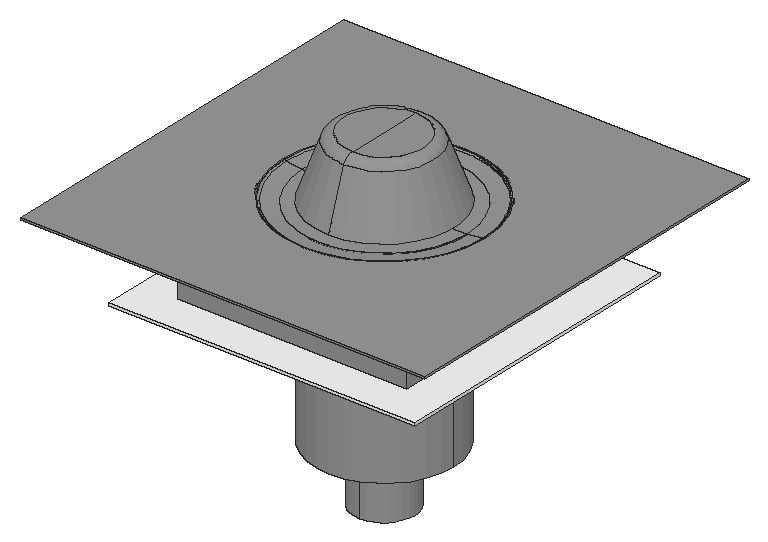
Revit family "HL_Dachablauf_HL63H-B-221103", category Instalační zařizovací předměty, Revit 2021
Family settings
  Kóta kulaté spojky = Použít průměr
  Typ dílu = Normální
  Číslo OmniClass = 23.70.50.21.24.14
  Nadpis OmniClass = Deck Waste Water Drains
  Založené na pracovní rovině = Ne
  Vždy vertikální = Ano
  Ořezat dutým tvarem při načtení = Ne
  Sdílené = Ne
  Bod výpočtu místnosti = Ano
Parameters (values of type "HL_Dachablauf_HL63H_7")
  Výchozí výška = 0 mm
  Výrobce = "HL Hutterer & Lechner GmbH"  # constant formula
  VOLUMENSTROM [instance] = 0.0 L/s
  URL = "http://www.hutterer-lechner.com/de/products/catalog/roof-drains/HL63H/7.aspx"
  RECHTSAUSKUNFT = "Urheberrechte (©), Designrechte und alle anderen Rechte am geistigen Eigentum, sind ausschließlich Eigentum der Firma HL Hutterer&Lechner GmbH. Änderungen sind nicht gestattet. Die Familien (Teile) sind mit Wasserzeichen geschützt."
  MATERIAL = "PP"
  LEISTUNG = "8,6 l/s"
  GEWICHT = "3,57 [kg]"
  EINLAUFROST = "Laubfangkorb d 145 mm"
  EINBAUHÖHE = "266-326 mm"
  EAN = "9003076806324"
  DURCHMESSER = 75 mm
  DIMENSION = "DN75"
  Abdeckung Material [instance] = none
  Přípoj ventilace = no
  Přípoj odpadních dílů = yes
  Přípoj HW = no
  Přípoj CW = no
  Popis = "Dachabläufe"
  Model = "HL63H_7"
  Assembly Code = " "
  Komentáře k typům = "HL63H/7 Dachablauf DrainBox DN75 mit Bitumenmanschette,"
  Keynote = "HL63H_7"
  Einbauhöhe [instance] = 100 mm
  G [instance] = 180.00°  # constant formula
  D [instance] = 236 mm
  C [instance] = if(Einbauhöhe - 68 mm < 0 mm, 0 mm, Einbauhöhe - 68 mm)  # 32 mm
  B [instance] = 100 mm  # constant formula
  A [instance] = if(B - 100 mm > 15 mm, B - 100 mm, 15 mm)  # 15 mm
Types (4, lengths in mm): name | URL | LEISTUNG | GEWICHT | EAN | DURCHMESSER | DIMENSION | Model | Komentáře k typům | Keynote
  (no name) | "http://www.hutterer-lechner.com/de/products/catalog/roof-drains/HL63H/7.aspx" | "8,6 l/s" | "3,57 [kg]" | "9003076806324" | 75 | "DN75" | "HL63H_7" | "HL63H/7 Dachablauf DrainBox DN75 mit Bitumenmanschette," | "HL63H_7"
  HL_Dachablauf_HL63H_1 | "http://www.hutterer-lechner.com/de/products/catalog/roof-drains/HL63H/1.aspx" | "8,7 l/s" | "3,6 [kg]" | "9003076816323" | 110 | "DN110" | "HL63H_1" | "HL63H/1 Dachablauf DrainBox DN110 mit Bitumenmanschette," | "HL63H_1"
  HL_Dachablauf_HL63H_2 | "http://www.hutterer-lechner.com/de/products/catalog/roof-drains/HL63H/2.aspx" | "12,2 l/s" | "3,62 [kg]" | "9003076826322" | 125 | "DN125" | "HL63H_2" | "HL63H/2 Dachablauf DrainBox DN125 mit Bitumenmanschette," | "HL63H_2"
  HL_Dachablauf_HL63H_7 | "http://www.hutterer-lechner.com/de/products/catalog/roof-drains/HL63H/7.aspx" | "8,6 l/s" | "3,57 [kg]" | "9003076806324" | 75 | "DN75" | "HL63H_7" | "HL63H/7 Dachablauf DrainBox DN75 mit Bitumenmanschette," | "HL63H_7"
Reference planes
  plane 1 "Center (Front/Back)": y = 0
  plane 2: z = 0
  plane 3 "Center (Left/Right)": x = 0
  plane 4: z = -100
  plane 5: z = -100
Lines and regions (mm)
  model lines, style "InvisibleLines"
    curve 1: line (0, 0, 0) -> (0, 0, 20)
  model lines, style "PlumbingFixtures", detail levels coarse+medium
    curve 2: line (0, 0, -100) -> (0, 0, -85)
    curve 3: line (0, 0, -85) -> (-85, 0, 0)
    curve 4: line (0, 0, -85) -> (85, 0, 0)
    curve 6: line (0, 0, -100) -> (0, 0, -336)
  reference lines, not visible
    curve 5: line (0, 0, -100) -> (0, 0, -336)
  symbolic lines, style "PlumbingFixtures", detail levels coarse+medium
    curve 7: line (-75, 75, 0) -> (75, 75, 0)
    curve 8: line (-75, -75, 0) -> (-75, 75, 0)
    curve 9: line (75, -75, 0) -> (-75, -75, 0)
    curve 10: line (75, 75, 0) -> (75, -75, 0)
    curve 11: line (-75, 75, 0) -> (-145.711, 145.711, 0)
    curve 12: line (75, 75, 0) -> (145.711, 145.711, 0)
    curve 13: line (-75, -75, 0) -> (-145.711, -145.711, 0)
    curve 14: line (75, -75, 0) -> (145.711, -145.711, 0)
  symbolic lines, style "PlumbingFixtures", not visible, detail levels coarse+medium
    curve 15: line (-75, 75, 0) -> (75, 75, 0)
    curve 16: line (-75, -75, 0) -> (-75, 75, 0)
    curve 17: line (75, -75, 0) -> (-75, -75, 0)
    curve 18: line (75, 75, 0) -> (75, -75, 0)
    curve 19: line (-75, 75, 0) -> (-145.711, 145.711, 0)
    curve 20: line (75, 75, 0) -> (145.711, 145.711, 0)
    curve 21: line (-75, -75, 0) -> (-145.711, -145.711, 0)
    curve 22: line (75, -75, 0) -> (145.711, -145.711, 0)
Text (mm)
  text "FLOOR" at (-162.344, 0, -10.979), in view "Drain Construction View"
Dimensions and locks
  "B": plane 2 to plane 4
  "Einbauhöhe": plane 2 to plane 5
  "A": curve 4 to plane 4
  "D": curve 5 to curve 5
  "D": curve 6 to curve 6
  locked: curve 4 to plane 3 "Center (Left/Right)" (angle 45.00°)
  locked: plane 3 "Center (Left/Right)" to curve 3 (angle 45.00°)
  "G": angle curve 5 to plane 3 "Center (Left/Right)"
  aligned and locked: level to plane 2
  aligned and locked: plane 2 to curve 4
  aligned and locked: plane 2 to curve 3
  aligned and locked: plane 4 to curve 5
  aligned and locked: plane 3 "Center (Left/Right)" to curve 5
  aligned and locked: plane 4 to curve 2
  aligned and locked: curve 6 to plane 3 "Center (Left/Right)"
  aligned and locked: curve 6 to plane 4
  aligned and locked: nested 1 to plane 2
  aligned and locked: plane 2 to nested 2
  aligned and locked: plane 3 "Center (Left/Right)" to nested 2
Automatic sketch dimensions
  curve 2 to plane 3 "Center (Left/Right)" = 0 mm
  curve 1 to plane 3 "Center (Left/Right)" = 0 mm
  curve 1 to level = 0 mm
  level to curve 1 = 20 mm
Nested families
  nested 1: "HL_Dachablaufkörper_HL63H" at (0, 0, 0), DURCHMESSER <- "DURCHMESSER", EInbauhöhe <- "Einbauhöhe", type "HL_Dachablaufkörper_HL63H"
    with L2 2.5 mm, L 100 mm, IHmin 266 mm, IHmax 326 mm, EInbauhöhe 100 mm, DURCHMESSER 75 mm
  nested 2: "HL_Zubehör_HL062.1E" at (0, 0, 0), type "HL_Zubehör_HL062.1E"
Connectors
  piping at (0, 0, -336), diameter 75, driven by "VOLUMENSTROM", driven by "DURCHMESSER"
    settings: on curve 5, index 1, connector inside diameter 609.6 mm, connector length 0 mm, flow factor 0, pipe flow 0.0 L/s, pressure drop 0.0 Pa, fitting loss kfactor 0, connector angle 0.00°, fixture units 0, engagement length 0 mm, angle of deflection 0.00°, flow configuration 1, flow direction 2, fitting loss method 0, system type 16, joint type 0, gender type 0, connector reference index -1, connector utility 0, adjustable connector yes, is connector primary yes, connector description ""
Definition of nested family "HL_Dachablaufkörper_HL63H"
  Parameters (values of type "HL_Dachablaufkörper_HL63H")
    Default Elevation = 0 mm
    Manufacturer = ""
    URL = ""
    Description = ""
    Model = ""
    L2 [instance] = if((L = 0 mm), 0 mm, 2.5 mm)  # 2.5 mm
    L [instance] = if(EInbauhöhe < (IHmin - 166 mm), 0 mm, if(EInbauhöhe > (IHmax - 166 mm) + 0.1 mm, 0 mm, EInbauhöhe + 0 mm))  # 100 mm
    Type Comments = ""
    EInbauhöhe [instance] = 100 mm
    IHmin [instance] = 266 mm
    IHmax [instance] = 326 mm
    DURCHMESSER [instance] = 110 mm
    Cost = 0
  Reference planes
    plane 1 "Střed (vpředu/vzadu)": y = 0
    plane 2: z = 0
    plane 3 "Střed (vlevo/vpravo)": x = 0
  Forms (mm)
    Revolve 1, solid, detail levels fine
      sketch origin (0, 0, 0) x (1, 0, 0) y (0, 0, 1)
        loop
          line (0, -270.998) -> (0, -95.75) -> (-59.378, -95.75) -> (-59.378, -78.693) -> (-77.654, -39.5) -> (-77.654, -29.5) -> (-85.59, -29.5) -> (-85.59, -99.5) -> (-85.59, -265.5) -> (-62.697, -265.5) -> (-62.697, -270.998) -> (0, -270.998)
        axis (0, -29.5) -> (0, -270.998)
      angle from 0 to 360
    Revolve 2, solid, detail levels fine
      sketch origin (0, 0, 0) x (1, 0, 0) y (0, 0, 1)
        loop
          line (-124.468, 1.671) -> (-124.468, 0.302) -> (-102.57, -2) -> (-79.801, -21.792) -> (-75.794, -29.329) -> (-74.892, -29.329) -> (-74.892, -25.368) -> (-75.97, -23.829) -> (-77.239, -23.829) -> (-79.207, -21.861) -> (-79.207, -4.547) -> (-81.773, -1.49) -> (-101.773, -1.49) -> (-121.42, 0.575) -> (-123.318, 1.671) -> (-124.468, 1.671)
        axis (0, 1.671) -> (0, -29.329)
      angle from 0 to 360
    Extrusion 3, solid, detail levels fine
      sketch origin (0, 0, 0) x (1, 0, 0) y (0, 1, 0)
        loop
          line (-250, 250) -> (-250, -250) -> (250, -250) -> (250, 250) -> (-250, 250)
        loop
          circle (0, 0) r 125
      from 0 to 2
    Extrusion 4, solid, detail levels fine
      sketch origin (0, 0, 0) x (1, 0, 0) y (0, 1, 0)
        loop
          line (179, 179) -> (-179, 179) -> (-179, -179) -> (179, -179) -> (179, 179)
        loop
          circle (0, 0) r 127.522
      from 0 to -3
    Extrusion 5, solid, detail levels fine
      sketch origin (0, 0, -3) x (0, 1, 0) y (1, 0, 0)
        loop
          line (142, -142) -> (142, 142) -> (-142, 142) -> (-142, -142) -> (142, -142)
        loop
          line (137.832, -138.014) -> (137.832, 138.433) -> (-138.968, 138.433) -> (-138.968, -138.014) -> (137.832, -138.014)
      from 0 to 94
    Extrusion 6, solid, detail levels fine
      sketch origin (0, 189, -100) x (0, -1, 0) y (1, 0, 0)
        loop
          line (0, -189) -> (378, -189) -> (378, 189) -> (0, 189) -> (0, -189)
      from 0 to 2.5 <- "L2"
    Extrusion 7, solid, detail levels fine
      sketch origin (0, 189, -100) x (0, -1, 0) y (1, 0, 0)
        loop
          line (327.968, 138.433) -> (51.168, 138.433) -> (51.168, -138.014) -> (327.968, -138.014) -> (327.968, 138.433)
        loop
          line (59.249, -129.76) -> (318.312, -129.76) -> (318.312, 129.634) -> (59.249, 129.634) -> (59.249, -129.76)
      from 2.5 to 62.5
    Extrusion 8, solid, detail levels fine
      sketch origin (0, 0, -270.998) x (0, 1, 0) y (1, 0, 0)
        loop
          circle (0, 0) r 55
      from 0 to 65
  Lines and regions (mm)
    reference lines, not visible
      curve 1: line (0, 189, -100) -> (0, -281, -100)
  Dimensions and locks
    "L": curve 1 to plane 2
    "DURCHMESSER": diameter of Extrusion 8 sketch curve
    aligned and locked: level to plane 2
  Automatic sketch dimensions
    Revolve 2 sketch curve to plane 3 "Střed (vlevo/vpravo)" = 0 mm
    Revolve 2 sketch curve to level = 29.329 mm
    Revolve 2 sketch curve to plane 3 "Střed (vlevo/vpravo)" = 74.892 mm
    Revolve 2 sketch curve to Revolve 2 sketch curve = 0.901 mm
    Revolve 2 sketch curve to level = 23.829 mm
    Revolve 2 sketch curve to Revolve 2 sketch curve = 1.077 mm
    Revolve 2 sketch curve to Revolve 2 sketch curve = 1.269 mm
    Revolve 2 sketch curve to level = 21.861 mm
    Revolve 2 sketch curve to Revolve 2 sketch curve = 1.969 mm
    Revolve 2 sketch curve to level = 21.792 mm
    Revolve 2 sketch curve to Revolve 2 sketch curve = 0.594 mm
    Revolve 2 sketch curve to level = 1.49 mm
    Revolve 2 sketch curve to Revolve 2 sketch curve = 2.565 mm
    Revolve 2 sketch curve to Revolve 2 sketch curve = 20 mm
    Revolve 2 sketch curve to level = 2 mm
    Revolve 2 sketch curve to Revolve 2 sketch curve = 0.797 mm
    level to Revolve 2 sketch curve = 0.575 mm
    Revolve 2 sketch curve to Revolve 2 sketch curve = 18.85 mm
    level to Revolve 2 sketch curve = 1.671 mm
    Revolve 2 sketch curve to Revolve 2 sketch curve = 1.898 mm
    Revolve 2 sketch curve to Revolve 2 sketch curve = 1.15 mm
    Revolve 2 sketch curve to Revolve 2 sketch curve = 1.539 mm
    Revolve 2 sketch curve to Revolve 2 sketch curve = 3.057 mm
    level to Revolve 2 sketch curve = 0.302 mm
    Revolve 2 sketch curve to Revolve 2 sketch curve = 270.671 mm
    level to Revolve 2 sketch curve = 295.621 mm
    plane 1 "Střed (vpředu/vzadu)" to Extrusion 4 sketch curve = 0 mm
    Extrusion 4 sketch curve to plane 3 "Střed (vlevo/vpravo)" = 0 mm
    Extrusion 4 sketch curve to plane 3 "Střed (vlevo/vpravo)" = 179 mm
    plane 3 "Střed (vlevo/vpravo)" to Extrusion 4 sketch curve = 179 mm
    plane 1 "Střed (vpředu/vzadu)" to Extrusion 4 sketch curve = 179 mm
    Extrusion 4 sketch curve to plane 1 "Střed (vpředu/vzadu)" = 179 mm
    Extrusion 4 to Extrusion 5 sketch curve = 37 mm  (x2)
    Extrusion 5 sketch curve to Extrusion 5 sketch curve = 3.032 mm
    Extrusion 4 to Extrusion 5 sketch curve = 41.168 mm
    Extrusion 5 sketch curve to Extrusion 5 sketch curve = 4.168 mm
    Extrusion 5 sketch curve to Extrusion 5 sketch curve = 3.567 mm
    Extrusion 4 to Extrusion 5 sketch curve = 40.986 mm
    Extrusion 5 sketch curve to Extrusion 5 sketch curve = 3.986 mm
    curve 1 to Extrusion 6 sketch curve = 0 mm
    Extrusion 6 sketch curve to curve 1 = 189 mm
    curve 1 to Extrusion 6 sketch curve = 189 mm
    Extrusion 6 sketch curve to curve 1 = 92 mm
    Extrusion 6 to Extrusion 7 sketch curve = 51.168 mm
    Extrusion 7 sketch curve to Extrusion 7 sketch curve = 8.081 mm
    Extrusion 6 to Extrusion 7 sketch curve = 59.688 mm
    Extrusion 7 sketch curve to Extrusion 7 sketch curve = 9.657 mm
    Extrusion 6 to Extrusion 7 sketch curve = 50.986 mm
    Extrusion 7 sketch curve to Extrusion 7 sketch curve = 8.254 mm
    Extrusion 6 to Extrusion 7 sketch curve = 59.366 mm
    Extrusion 7 sketch curve to Extrusion 7 sketch curve = 8.799 mm
    plane 1 "Střed (vpředu/vzadu)" to Extrusion 3 sketch curve = 0 mm
    Extrusion 3 sketch curve to plane 3 "Střed (vlevo/vpravo)" = 0 mm
    Extrusion 3 sketch curve to plane 3 "Střed (vlevo/vpravo)" = 250 mm
    plane 3 "Střed (vlevo/vpravo)" to Extrusion 3 sketch curve = 250 mm
    plane 1 "Střed (vpředu/vzadu)" to Extrusion 3 sketch curve = 250 mm
    Extrusion 3 sketch curve to plane 1 "Střed (vpředu/vzadu)" = 250 mm
    Revolve 1 sketch curve to plane 3 "Střed (vlevo/vpravo)" = 0 mm  (x2)
    Revolve 1 sketch curve to plane 3 "Střed (vlevo/vpravo)" = 59.378 mm
    Revolve 1 sketch curve to plane 3 "Střed (vlevo/vpravo)" = 62.697 mm
    Revolve 1 sketch curve to Revolve 1 sketch curve = 18.276 mm
    Revolve 1 sketch curve to Revolve 1 sketch curve = 26.212 mm
    Revolve 1 sketch curve to level = 270.998 mm
    Revolve 1 sketch curve to Revolve 1 sketch curve = 5.498 mm
    Revolve 1 sketch curve to level = 99.5 mm
    Revolve 1 sketch curve to Revolve 1 sketch curve = 3.75 mm
    Revolve 1 sketch curve to Revolve 1 sketch curve = 17.057 mm
    Revolve 1 sketch curve to level = 39.5 mm
    Revolve 1 sketch curve to Revolve 1 sketch curve = 10 mm
    Revolve 1 sketch curve to Revolve 1 sketch curve = 0 mm
    level to Revolve 1 sketch curve = 295.621 mm
    plane 1 "Střed (vpředu/vzadu)" to curve 1 = 281 mm
    curve 1 to plane 1 "Střed (vpředu/vzadu)" = 189 mm
    Extrusion 8 sketch curve to Revolve 1 = 0 mm
    radius of Extrusion 4 sketch curve = 127.522 mm
    radius of Extrusion 3 sketch curve = 125 mm
Definition of nested family "HL_Zubehör_HL062.1E"
  Parameters (values of type "HL_Zubehör_HL062.1E")
    Default Elevation = 0 mm
    Manufacturer = "HL Hutterer & Lechner GmbH"
    URL = "http://www.hutterer-lechner.com/de/products/catalog/roof-drains/HL062.1E.aspx"
    Abdeckung Material = none
    RECHTSAUSKUNFT = "Urheberrechte (©), Designrechte und alle anderen Rechte am geistigen Eigentum, sind ausschließlich Eigentum der Firma HL Hutterer&Lechner GmbH. Änderungen sind nicht gestattet. Die Familien (Teile) sind mit Wasserzeichen geschützt."
    Description = "Dachabläufe"
    Model = "HL062.1E"
    Type Comments = "HL062.1E, Laubfangkorb"
    Keynote = "HL062.1E"
    GEWICHT = "0,097 [kg]"
    Volumenstrom [instance] = 0.0 L/s
    EAN = "9003076006212"
    Cost = 0
  Values of the unnamed type that differ from the named types
    Manufacturer = ""
    URL = ""
    RECHTSAUSKUNFT = ""
    Description = ""
    Model = ""
    Type Comments = "HL062.1E, domed plastic grate"
    Keynote = ""
  Reference planes
    plane 1 "Střed (vpředu/vzadu)": y = 0
    plane 2: z = 0
    plane 3 "Střed (vlevo/vpravo)": x = 0
  Forms (mm)
    Revolve 1, solid, detail levels fine
      sketch origin (0, 0, 0) x (0, 1, 0) y (0, 0, 1)
        loop
          line (0, 75) -> (0, 60.2) -> (47.074, 60.2) -> (68.985, 0) -> (86.249, 0) -> (61.992, 66.646)
          arc (61.992, 66.646) -> (56.733, 72.731) -> (49.016, 75) r 14.255
          line (49.016, 75) -> (0, 75)
        axis (0, 75) -> (0, 0)
      angle from 0 to 360
    Extrusion 2, solid, detail levels fine
      sketch origin (0, 0, 0) x (0, 1, 0) y (1, 0, 0)
        loop
          circle (0, 0) r 78.587
        loop
          circle (0, 0) r 70.981
      from 0 to 16.7
    Extrusion 3, solid, detail levels fine
      sketch origin (0, 0, -16.7) x (-1, 0, 0) y (0, 1, 0)
        loop
          circle (0, 0) r 70
        loop
          circle (0, 0) r 74.546
      from 0 to 12.3
  Dimensions and locks
    aligned and locked: level to plane 2
